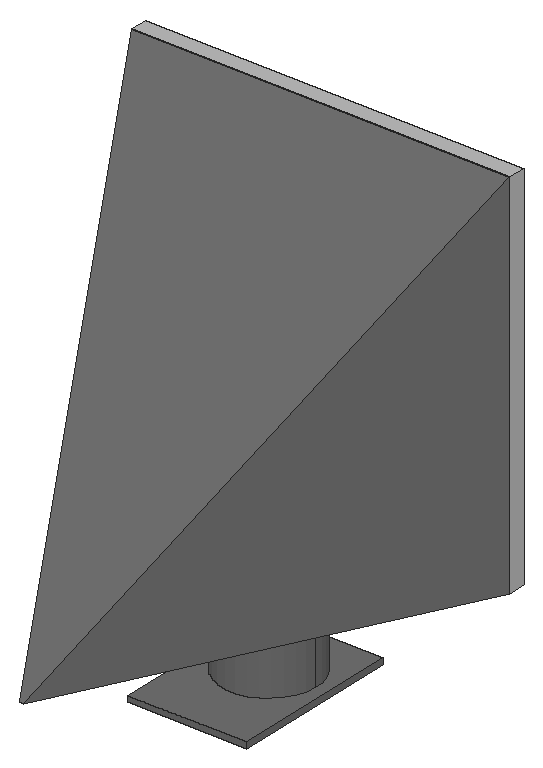
Revit family "M2WU", category Lighting Fixtures, host Face, Revit 2021
Family settings
  Host = Face
  Round Connector Dimension = Use Diameter
  Part Type = Normal
  OmniClass Number = 23.80.70.14.14
  OmniClass Title = Exterior Floodlights
  Cut with Voids When Loaded = No
  Light Source = Yes
  Shared = Yes
  Room Calculation Point = No
Parameters (values of type "M2WU-T2-32LED-3K-700")
  Wattage Comments = "57 and 70 watts High Output Fluorescent"
  Wattage = 9.2903 W
  built-in parameter 1150110 = 1 (stored number, unit not read)
  Voltage = 120 V
  URL = "https://www.currentlighting.com/aal"
  built-in parameter 1114217 = 1 (stored number, unit not read)
  Tilt Angle = 90.00°
  built-in parameter 1150109 = 1 (stored number, unit not read)
  built-in parameter 1150134 = 3
  built-in parameter 1150113 = 1 (stored number, unit not read)
  Product Page URL = ""
  Product Documentation Link = ""
  Photometric Web File = "M2-T2-32LED-3K-700.ies"
  built-in parameter 1150142 = (empty or 0)
  Model = "M2WU"  # constant formula
  Manufacturer = "Architectural Area Lighting"  # constant formula
  built-in parameter 1150105 = -4749960 (stored number, unit not read)
  Lumens = 1380 lm
  built-in parameter 1150115 = 1 (stored number, unit not read)
  built-in parameter 1150137 = (empty or 0)
  built-in parameter 1150139 = (empty or 0)
  built-in parameter 1150112 = 1 (stored number, unit not read)
  built-in parameter 1150114 = 1 (stored number, unit not read)
  Lamp = "One"
  built-in parameter 1150132 = (empty or 0)
  built-in parameter 1150102 = (empty or 0)
  built-in parameter 1150107 = 3200 (stored number, unit not read)
  built-in parameter 1150138 = (empty or 0)
  built-in parameter 1150106 = -47499.6 (stored number, unit not read)
  Glass = Glass-Finish
  Finish 2 = Silicon Gasket
  Finish = Die Cast Aluminium
  built-in parameter 1150104 = 13.8 (stored number, unit not read)
  Dimming Lamp Color Temperature Shift = <None>
  Description = "Horizontal reflector uplight"  # constant formula
  Default Elevation = 60"
  Color Filter = 16777215
  built-in parameter 1114218 = 1 (stored number, unit not read)
  built-in parameter 1150133 = 10 (stored number, unit not read)
  Apparent Load = 0 VA
Types (22): name | Photometric Web File | built-in parameter 1150105 | built-in parameter 1150106
  M2WU-T2-32LED-3K-700 | "M2-T2-32LED-3K-700.ies" | -4749960 (stored number, unit not read) | -47499.6 (stored number, unit not read)
  M2WU-T3-32LED-3K-700 | "M2-T3-32LED-3K-700.ies" | -4759620 (stored number, unit not read) | -47596.2 (stored number, unit not read)
  M2WU-T4-32LED-3K-700 | "M2-T4-32LED-3K-700.ies" | -7508580 (stored number, unit not read) | -75085.8 (stored number, unit not read)
  M2WU-T4-32LED-3K-HSS-700 | "M2-T4-32LED-3K-HSS-700.ies" | -7391280 (stored number, unit not read) | -73912.8 (stored number, unit not read)
  M2WU-T5-32LED-3K-700 | "M2-T5-32LED-3K-700.ies" | -2405340 (stored number, unit not read) | -24053.4 (stored number, unit not read)
  M2WU-TL-32LED-3K-700 | "M2-TL-32LED-3K-700.ies" | -11247000 (stored number, unit not read) | -112470 (stored number, unit not read)
  M2WU-TR-32LED-3K-700 | "M2-TR-32LED-3K-700.ies" | -11247000 (stored number, unit not read) | -112470 (stored number, unit not read)
  M2WU-T2-32LED-4K-700 | "M2-T2-32LED-4K-700.ies" | -5971260 (stored number, unit not read) | -59712.6 (stored number, unit not read)
  M2WU-T3-32LED-4K-700 | "M2-T3-32LED-4K-700.ies" | -5982300 (stored number, unit not read) | -59823 (stored number, unit not read)
  M2WU-T4-32LED-4K-700 | "M2-T4-32LED-4K-700.ies" | -8942400 (stored number, unit not read) | -89424 (stored number, unit not read)
  M2WU-T4-32LED-4K-HSS-700 | "M2-T4-32LED-4K-HSS-700.ies" | -8849940 (stored number, unit not read) | -88499.4 (stored number, unit not read)
  M2WU-T5-32LED-4K-700 | "M2-T5-32LED-4K-700.ies" | -3022200 (stored number, unit not read) | -30222 (stored number, unit not read)
  M2WU-TL-32LED-4K-700 | "M2-TL-32LED-4K-700.ies" | -13467420 (stored number, unit not read) | -134674.2 (stored number, unit not read)
  M2WU-TR-32LED-4K-700 | "M2-TR-32LED-4K-700.ies" | -13467420 (stored number, unit not read) | -134674.2 (stored number, unit not read)
  M2WU-T2-32LED-5K-700 | "M2-T2-32LED-5K-700.ies" | -6419760 (stored number, unit not read) | -64197.6 (stored number, unit not read)
  M2WU-T2-32LED-5K-HSS-700 | "M2-T2-32LED-5K-HSS-700.ies" | -5370960 (stored number, unit not read) | -53709.6 (stored number, unit not read)
  M2WU-T3-32LED-5K-700 | "M2-T3-32LED-5K-700.ies" | 971.78 (stored number, unit not read) | 9.7178 (stored number, unit not read)
  M2WU-T4-32LED-5K-700 | "M2-T4-32LED-5K-700.ies" | -9506820 (stored number, unit not read) | -95068.2 (stored number, unit not read)
  M2WU-T4-32LED-5K-HSS-700 | "M2-T4-32LED-5K-HSS-700.ies" | -9724860 (stored number, unit not read) | -97248.6 (stored number, unit not read)
  M2WU-T5-32LED-5K-700 | "M2-T5-32LED-5K-700.ies" | -3249900 (stored number, unit not read) | -32499 (stored number, unit not read)
  M2WU-TL-32LED-5K-700 | "M2-TL-32LED-5K-700.ies" | -14799120 (stored number, unit not read) | -147991.2 (stored number, unit not read)
  M2WU-TR-32LED-5K-700 | "M2-TR-32LED-5K-700.ies" | -14799120 (stored number, unit not read) | -147991.2 (stored number, unit not read)
Reference planes (in)
  plane 1 "Center (Front/Back)": y = 0
  plane 2: z = 0
  plane 3 "Center (Left/Right)": x = 0
  plane 4: x = -8
  plane 5: x = 8
  plane 6: z = 20.5
  plane 7: y = 1.25
  plane 8: z = 4.68959
  plane 9: y = 0.75
  plane 10: y = -1.25
  plane 11: y = -6
  plane 12: y = -0.75
  plane 13: y = -3.5
Forms (in)
  Extrusion 1, solid, material "Die Cast Aluminium" <- "Finish"
    sketch origin (0, 0, 0) x (1, 0, 0) y (0, 1, 0)
      loop
        line (-8, -0.75) -> (0, -16.75) -> (8, -0.75) -> (-8, -0.75)
    from 4.68959 to 20.5
  Extrusion 2, void
    sketch origin (0, 0, 0) x (0, -1, 0) y (0, 0, -1)
      loop
        line (16.75, -20.5) -> (16.75, -4.5) -> (0.75, -20.5) -> (16.75, -20.5)
    from -8 to 8
  Sweep 3, solid, material "Silicon Gasket" <- "Finish 2"
    path origin (0, 0, 0) x (1, 0, 0) y (0, 0, -1)
      loop
        line (-8, -20.5) -> (8, -20.5) -> (8, -4.68959) -> (-8, -4.68959) -> (-8, -20.5)
    profile origin (0, 0, 20.5) x (0, 0, -1) y (0, 1, 0)
      loop
        line (0, 0) -> (0, -0.75) -> (0.61433, -0.75) -> (0.61433, 0) -> (0, 0)
  Blend 4, void
    base sketch origin (0, 0, 0) x (1, 0, 0) y (0, 0, -1)
      loop
        line (-7.38567, -19.88567) -> (7.38567, -19.88567) -> (7.38567, -5.30392) -> (-7.38567, -5.30392) -> (-7.38567, -19.88567)
    top sketch origin (0, 0, 0) x (1, 0, 0) y (0, 0, -1)
      loop
        line (-1.25, -7.77184) -> (1.25, -7.77184) -> (1.25, -5.30392) -> (-1.25, -5.30392) -> (-1.25, -7.77184)
    from -0.75 to -12.84629
  Revolve 5, solid, material "Die Cast Aluminium" <- "Finish"
    sketch origin (0, -3.5, 6.28456) x (0, 0, 1) y (-1, 0, 0)
      loop
        line (-1.59497, 0) -> (-6.28456, 0) -> (-6.28456, -2) -> (-1.59497, -2) -> (-1.59497, 0)
      axis (-1.59497, 0) -> (-6.28456, 0)
    angle from 0 to 360
  Extrusion 6, solid, material "Glass-Finish" <- "Glass"
    sketch origin (0, 0, 0) x (1, 0, 0) y (0, 0, 1)
      loop
        line (-7.38567, 19.88567) -> (-7.38567, 5.30392) -> (7.38567, 5.30392) -> (7.38567, 19.88567) -> (-7.38567, 19.88567)
    from 0 to 0.25
  Extrusion 7, solid, material "Die Cast Aluminium" <- "Finish"
    sketch origin (0, 0, 0) x (1, 0, 0) y (0, 1, 0)
      loop
        line (-2.5, -0.5625) -> (-2.5, -7.8125) -> (2.5, -7.8125) -> (2.5, -0.5625) -> (-2.5, -0.5625)
    from 0 to 0.25
Cuts and joins
  Extrusion 2 cuts Extrusion 1
  joined: Revolve 5, Extrusion 7
Dimensions and locks (in)
  equal spacing: plane 4, plane 3 "Center (Left/Right)", plane 5
  plane 4 to plane 5 = 16"
  plane 6 to plane 2 = 20 1/2"
  aligned and locked: plane 2 to host face
  aligned and locked: level to host face
  aligned and locked: profile plane to Sweep 3 sketch curve
  aligned and locked: Sweep 3 sketch curve to profile plane
  aligned and locked: plane 12 to Sweep 3 sketch curve
  aligned and locked: plane 12 to Sweep 3
  aligned and locked: Revolve 5 sketch curve to Revolve 5 sketch curve
Automatic sketch dimensions
  host sketch curve to host sketch curve = 96"  (x2)
  Extrusion 1 sketch curve to plane 4 = 0"
  Extrusion 1 sketch curve to plane 3 "Center (Left/Right)" = 0"
  Extrusion 1 sketch curve to plane 5 = 0"
  Extrusion 1 sketch curve to plane 12 = 0"
  plane 11 to Extrusion 1 sketch curve = 10 3/4"
  Extrusion 2 sketch curve to plane 6 = 0"
  Extrusion 2 sketch curve to plane 12 = 0"
  plane 11 to Extrusion 2 sketch curve = 10 3/4"
  plane 8 to Extrusion 2 sketch curve = 0.18959"
  Sweep 3 sketch curve to plane 4 = 0"
  Sweep 3 sketch curve to plane 5 = 0"
  Sweep 3 sketch curve to plane 6 = 0"
  Sweep 3 sketch curve to plane 8 = 0"
  Sweep 3 sketch curve to profile plane = 0.61433"
  plane 4 to Blend 4 sketch curve = 0.61433"
  Blend 4 sketch curve to plane 5 = 0.61433"
  Blend 4 sketch curve to plane 6 = 0.61433"
  plane 8 to Blend 4 sketch curve = 0.61433"  (x2)
  Blend 4 sketch curve to plane 3 "Center (Left/Right)" = 1 1/4"
  plane 3 "Center (Left/Right)" to Blend 4 sketch curve = 1 1/4"
  Blend 4 sketch curve to Blend 4 sketch curve = 2.46791"
  Revolve 5 sketch curve to level = 0"
  Revolve 5 sketch curve to plane 3 "Center (Left/Right)" = 0"
  Revolve 5 sketch curve to plane 8 = 0"
  Revolve 5 sketch curve to level = 1.18959"
  plane 8 to Revolve 5 sketch curve = 1"
  Revolve 5 sketch curve to plane 3 "Center (Left/Right)" = 2"
  plane 4 to Extrusion 6 sketch curve = 0.61433"
  Extrusion 6 sketch curve to plane 5 = 0.61433"
  plane 8 to Extrusion 6 sketch curve = 0.61433"
  Extrusion 6 sketch curve to plane 6 = 0.61433"
  Extrusion 7 sketch curve to plane 5 = 10 1/2"
  Extrusion 7 sketch curve to Extrusion 7 sketch curve = 5"
  plane 7 to Extrusion 7 sketch curve = 9 1/16"
  Extrusion 7 sketch curve to Extrusion 7 sketch curve = 7 1/4"
Connectors (in)
  electrical at (0, -4.1875, 0), driven by "Voltage", driven by "Description"
    settings: on cut or joined group of Revolve 5, Extrusion 7, index 1, voltage 120 V, apparent load 0 VA, apparent load phase1 0 VA, apparent load phase2 0 VA, apparent load phase3 0 VA, power factor 1, load classification "Other", number of poles 1, system type 30, power factor state 1, is connector primary yes, connector utility no, sub classification motor no, connector description "Horizontal reflector uplight"
